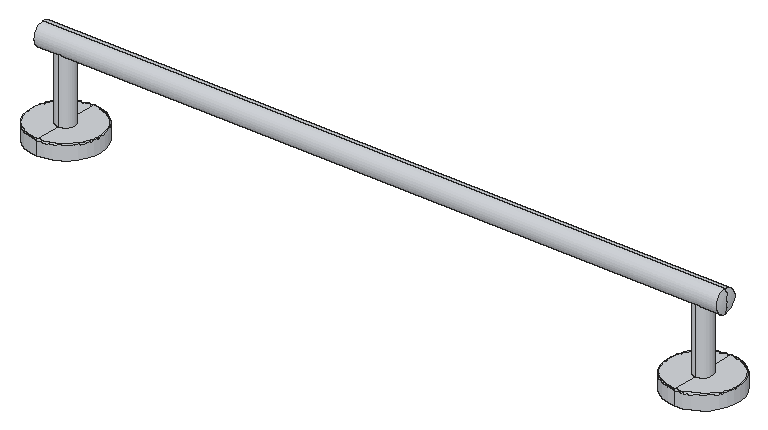
Revit family "Accessory-Towel_Bar-KOHLER-Elate-K-27286", category Specialty Equipment, host Face, Revit 2015
Parameters (values of type "CP-Polished Chrome")
  Width = 2 3/4"  # constant formula
  WaterSense Certified = 1 = 0  # no
  URL = "https://www.us.kohler.com/us/"
  Type = 1
  Product Page URL = "http://www.us.kohler.com/us/catalog/productDetails.jsp?productNumber=27286"
  Product Name = "Elate"  # constant formula
  Product Documentation Link = "https://www.us.kohler.com/webassets/kpna/catalog/pdf/en/K-27286_spec.pdf"
  Model = if(Type = 1, "K-27286-CP", if(Type = 2, "K-27286-BN", "NA"))  # "K-27286-CP"
  Material = "Premium Metal Construction"  # constant formula
  MasterFormat 2004 = "10.28.13"  # constant formula
  MasterFormat 1995 = "10820"  # constant formula
  Manufacturer Address = "444 Highland Dr, Kohler, WI 53044"  # constant formula
  Manufacturer = "KOHLER Co."  # constant formula
  Length = 18"  # constant formula
  Height = 2"  # constant formula
  Finish = Kohler-Metal-CP-Polished_Chrome
  Environmental Product Declaration = ""
  Description = "18 Inch towel bar"  # constant formula
  Default Elevation = 42"
  Declare Label = ""
  Date Modified = "02/04/2019"  # constant formula
  Date Created = "02/04/2019"  # constant formula
  Copyright = "Copyright KOHLER Co."  # constant formula
  Contact Us = "https://www.us.kohler.com/us/static/contact.jsp"
  Assembly Code = "C1030200"
  ADA Compliant = 1 = 0  # no
Types (3): name | Type | Model | Finish
  (no name) | 1 | "K-27286-CP" | Kohler-Metal-CP-Polished_Chrome
  CP-Polished Chrome | 1 | "K-27286-CP" | Kohler-Metal-CP-Polished_Chrome
  BN-Vibrant Brushed Nickel | 2 | "K-27286-BN" | Kohler-Metal-BN-Vibrant_Brushed_Nickel
Reference planes (in)
  plane 1 "Center (Front/Back)": y = 0
  plane 2: z = 0
  plane 3 "Center (Left/Right)": x = 0
  plane 4: x = -9
  plane 5: x = -10
  plane 6: x = 9
  plane 7: x = 10
  plane 8: x = -8
  plane 9: x = 8
  plane 10: y = 1
  plane 11: y = -1
  plane 12: z = 2.75
Dimensions and locks (in)
  "Length": plane 4 to plane 6
  locked: plane 5 to plane 7 at 20
  locked: plane 5 to plane 8 at 2
  locked: plane 9 to plane 7 at 2
  "Height": plane 10 to plane 11
  "Width": plane 12 to plane 2
  aligned and locked: host face to plane 2
  aligned and locked: host face to level
Automatic sketch dimensions
  host sketch curve to host sketch curve = 96"  (x2)
Nested families (in)
  nested 1: "K-27286" at (0, 0, 0), type "K-27286"
Definition of nested family "K-27286"
  Parameters (values of type "K-27286")
    Width = 18"
    Material = none
  Reference planes (in)
    plane 1 "Center (Front/Back)": y = 0
    plane 2: z = 0
    plane 3 "Center (Left/Right)": x = 0
    plane 4: x = -9
    plane 5: x = 9
    plane 6: z = 2.75
    plane 7: y = 1
    plane 8: y = -1
    plane 9: x = 9.63281
    plane 10: x = 9.67035
    plane 11: x = -9.63281
    plane 12: x = -9.67035
    plane 13: x = -10
    plane 14: x = -8
    plane 15: x = 10
    plane 16: x = 8
  Forms (in)
    Revolve 1, solid, material <- "Material", detail levels medium+fine
      sketch origin (0, 0, 0) x (1, 0, 0) y (0, 0, 1)
        loop
          line (9.63281, 2.75) -> (-9.63281, 2.75)
          arc (-9.63281, 2.75) -> (-9.66093, 2.59363) -> (-9.67035, 2.43504) r 1.34008
          line (-9.67035, 2.43504) -> (9.67035, 2.43504)
          arc (9.67035, 2.43504) -> (9.66093, 2.59363) -> (9.63281, 2.75) r 1.34008
        axis (-9.67035, 2.43504) -> (9.67035, 2.43504)
      angle from 0 to 360
    Revolve 2, solid, material <- "Material", detail levels medium+fine
      sketch origin (-9, 0, 0) x (0, 1, 0) y (0, 0, 1)
        loop
          line (0, 2.41628) -> (-0.25591, 2.41628) -> (-0.25591, 0.41339) -> (-0.97877, 0.41339)
          arc (-0.97877, 0.41339) -> (-0.99378, 0.40717) -> (-1, 0.39216) r 0.02123
          line (-1, 0.39216) -> (-1, 0) -> (0, 0) -> (0, 2.41628)
        axis (0, 2.41628) -> (0, 0)
      angle from 0 to 360
    Revolve 3, solid, material <- "Material", detail levels medium+fine
      sketch origin (9, 0, 0) x (0, 1, 0) y (0, 0, -1)
        loop
          line (0, -2.41628) -> (0, 0) -> (-1, 0) -> (-1, -0.39216)
          arc (-1, -0.39216) -> (-0.99378, -0.40717) -> (-0.97877, -0.41339) r 0.02123
          line (-0.97877, -0.41339) -> (-0.25591, -0.41339) -> (-0.25591, -2.41628) -> (0, -2.41628)
        axis (0, -2.41628) -> (0, 0)
      angle from 0 to 360
    Revolve 4, solid, material <- "Material", detail levels coarse
      sketch origin (0, 0, 0) x (1, 0, 0) y (0, 0, 1)
        loop
          line (-9, 0) -> (-8, 0) -> (-8, 0.5) -> (-8.74409, 0.5) -> (-8.74409, 2.41881) -> (-9, 2.41881) -> (-9, 0)
        axis (-9, 2.41881) -> (-9, 0)
      angle from 0 to 360
    Revolve 5, solid, material <- "Material", detail levels coarse
      sketch origin (0, 0, 0) x (-1, 0, 0) y (0, 0, 1)
        loop
          line (-9, 0) -> (-8, 0) -> (-8, 0.5) -> (-8.74409, 0.5) -> (-8.74409, 2.41881) -> (-9, 2.41881) -> (-9, 0)
        axis (-9, 2.41881) -> (-9, 0)
      angle from 0 to 360
    Extrusion 6, solid, material <- "Material", detail levels coarse
      sketch origin (0, 0, 0) x (0, 1, 0) y (0, 0, 1)
        loop
          circle (0, 2.41881) r 0.33467
      from -9.63281 to 9.63281
  Cuts and joins
    joined: Revolve 1, Revolve 2, Revolve 3
    joined: Revolve 4, Revolve 5, Extrusion 6
  Lines and regions (in)
    Masking region 1
      outline origin (0, 0, 0) x (1, 0, 0) y (0, 0, 1)
        loop
          line (10, 0) -> (10, 0.39214)
          arc (10, 0.39214) -> (9.99378, 0.40716) -> (9.97875, 0.41339) r 0.02125
          line (9.97875, 0.41339) -> (9.25591, 0.41339) -> (9.25591, 2.12008) -> (9.63281, 2.12008)
          arc (9.63281, 2.12008) -> (9.67112, 2.43504) -> (9.63281, 2.75) r 1.31384
          line (9.63281, 2.75) -> (0.28027, 2.75) -> (-9.63281, 2.75)
          arc (-9.63281, 2.75) -> (-9.67112, 2.43504) -> (-9.63281, 2.12008) r 1.31384
          line (-9.63281, 2.12008) -> (-9.25591, 2.12008) -> (-9.25591, 0.41339) -> (-9.97875, 0.41339)
          arc (-9.97875, 0.41339) -> (-9.99378, 0.40716) -> (-10, 0.39214) r 0.02125
          line (-10, 0.39214) -> (-10, 0) -> (-8, 0) -> (-8, 0.39275)
          arc (-8, 0.39275) -> (-8.00604, 0.40734) -> (-8.02064, 0.41339) r 0.02064
          line (-8.02064, 0.41339) -> (-8.74409, 0.41339) -> (-8.74409, 2.12008) -> (-0.00834, 2.12008) -> (8.74409, 2.12008) -> (8.74409, 0.41339) -> (8.02064, 0.41339)
          arc (8.02064, 0.41339) -> (8.00604, 0.40734) -> (8, 0.39275) r 0.02064
          line (8, 0.39275) -> (8, 0) -> (10, 0)
    Masking region 2
      outline origin (0, 0, 0) x (0, 1, 0) y (0, 0, 1)
        loop
          line (1, 0) -> (1, 0.39332)
          arc (1, 0.39332) -> (0.99412, 0.40751) -> (0.97993, 0.41339) r 0.02007
          line (0.97993, 0.41339) -> (0.25591, 0.41339) -> (0.25591, 2.25143)
          arc (0.25591, 2.25143) -> (0.28021, 2.57886) -> (0, 2.75) r 0.31496
          arc (0, 2.75) -> (-0.28021, 2.57886) -> (-0.25591, 2.25143) r 0.31496
          line (-0.25591, 2.25143) -> (-0.25591, 0.41339) -> (-0.97855, 0.41339)
          arc (-0.97855, 0.41339) -> (-0.99372, 0.4071) -> (-1, 0.39194) r 0.02145
          line (-1, 0.39194) -> (-1, 0) -> (1, 0)
    Masking region 3
      outline origin (0, 0, 0) x (1, 0, 0) y (0, 1, 0)
        loop
          arc (-10, 0) -> (-9.70711, -0.70711) -> (-9, -1) r 1
          arc (-9, -1) -> (-8.41475, -0.81085) -> (-8.0509, -0.31496) r 1
          line (-8.0509, -0.31496) -> (0.2537, -0.31496) -> (8.0509, -0.31496)
          arc (8.0509, -0.31496) -> (8.41475, -0.81085) -> (9, -1) r 1
          arc (9, -1) -> (9.70711, -0.70711) -> (10, 0) r 1
          arc (10, 0) -> (9.70711, 0.70711) -> (9, 1) r 1
          arc (9, 1) -> (8.41475, 0.81085) -> (8.0509, 0.31496) r 1
          line (8.0509, 0.31496) -> (0.32065, 0.31496) -> (-8.0509, 0.31496)
          arc (-8.0509, 0.31496) -> (-8.41475, 0.81085) -> (-9, 1) r 1
          arc (-9, 1) -> (-9.70711, 0.70711) -> (-10, 0) r 1
    symbolic lines, detail levels medium+fine
      curve 1: line (9.25591, 0, 0.41339) -> (8.74409, 0, 0.41339)
      curve 2: line (9.63281, 0, 2.75) -> (9.63281, 0, 2.12008)
      curve 3: arc (9.14488, 0, 2.2016) -> (9.07661, 0, 2.23862) -> (9, 0, 2.25143) r 0.23555
      curve 4: arc (9.25591, 0, 2.12008) -> (9.1998, 0, 2.16003) -> (9.14488, 0, 2.2016) r 2.36478
      curve 5: arc (8.85512, 0, 2.2016) -> (8.92339, 0, 2.23862) -> (9, 0, 2.25143) r 0.23555
      curve 6: arc (8.74409, 0, 2.12008) -> (8.8002, 0, 2.16003) -> (8.85512, 0, 2.2016) r 2.36478
      curve 7: line (-9.25591, 0, 0.41339) -> (-8.74409, 0, 0.41339)
      curve 8: line (-9.63281, 0, 2.75) -> (-9.63281, 0, 2.12008)
      curve 9: arc (-9.14488, 0, 2.2016) -> (-9.07661, 0, 2.23862) -> (-9, 0, 2.25143) r 0.23555
      curve 10: arc (-9.25591, 0, 2.12008) -> (-9.1998, 0, 2.16003) -> (-9.14488, 0, 2.2016) r 2.36478
      curve 11: arc (-8.85512, 0, 2.2016) -> (-8.92339, 0, 2.23862) -> (-9, 0, 2.25143) r 0.23555
      curve 12: arc (-8.74409, 0, 2.12008) -> (-8.8002, 0, 2.16003) -> (-8.85512, 0, 2.2016) r 2.36478
      curve 13: line (0, 0.25591, 0.41339) -> (0, -0.25591, 0.41339)
      curve 14: arc (0, 0.25591, 2.25143) -> (0, 0, 2.12008) -> (0, -0.25591, 2.25143) r 0.31496
      curve 15: line (-8.0509, 0.31496, 0) -> (-9.63281, 0.31496, 0)
      curve 16: line (-8.0509, -0.31496, 0) -> (-9.63281, -0.31496, 0)
      curve 17: line (-9.63281, -0.31496, 0) -> (-9.63281, 0.31496, 0)
      curve 18: arc (-9.63281, 0.31496, 0) -> (-9.67159, 0, 0) -> (-9.63281, -0.31496, 0) r 1.29851
      curve 19: line (8.0509, 0.31496, 0) -> (9.63281, 0.31496, 0)
      curve 20: line (8.0509, -0.31496, 0) -> (9.63281, -0.31496, 0)
      curve 21: line (9.63281, -0.31496, 0) -> (9.63281, 0.31496, 0)
      curve 22: arc (9.63281, 0.31496, 0) -> (9.67159, 0, 0) -> (9.63281, -0.31496, 0) r 1.29851
  Dimensions and locks (in)
    equal spacing: plane 4, plane 3 "Center (Left/Right)", plane 5
    "Width": plane 4 to plane 5
    locked: plane 6 to plane 2 at 2.75
    locked: plane 7 to plane 8 at 2
    locked: plane 5 to plane 9 at 0.63281
    locked: plane 5 to plane 10 at 0.67035
    locked: plane 11 to plane 4 at 0.63281
    locked: plane 12 to plane 4 at 0.67035
    locked: plane 13 to plane 14 at 2
    locked: plane 16 to plane 15 at 2
    locked: plane 13 to plane 15 at 20
    aligned and locked: plane 2 to level
    aligned and locked: plane 4 to Revolve 2
    aligned and locked: plane 5 to Revolve 3
    aligned and locked: plane 11 to Revolve 1 sketch curve
    aligned and locked: plane 12 to Revolve 1 sketch curve
    aligned and locked: plane 9 to Revolve 1 sketch curve
    aligned and locked: plane 10 to Revolve 1 sketch curve
  Automatic sketch dimensions
    plane 1 "Center (Front/Back)" to curve 18 = 0"
    plane 1 "Center (Front/Back)" to curve 22 = 0"
    plane 13 to curve 17 = 47/128"
    plane 14 to curve 18 = 0.37308"
    plane 16 to curve 22 = 0.37308"
    plane 15 to curve 21 = 47/128"
    plane 1 "Center (Front/Back)" to curve 20 = 0.31496"
    plane 1 "Center (Front/Back)" to curve 17 = 0.31496"
    plane 14 to curve 15 = 0.0509"
    plane 14 to curve 16 = 0.0509"
    plane 16 to curve 19 = 0.0509"
    plane 16 to curve 20 = 0.0509"
    curve 14 to plane 1 "Center (Front/Back)" = 0"
    curve 14 to plane 6 = 0.31496"
    plane 1 "Center (Front/Back)" to curve 14 = 0.25591"
    plane 1 "Center (Front/Back)" to curve 13 = 0.25591"
    curve 14 to plane 1 "Center (Front/Back)" = 0.25591"
    curve 13 to plane 1 "Center (Front/Back)" = 0.25591"
    curve 14 to curve 14 = 47/256"
    level to curve 13 = 0.41339"
    curve 3 to curve 5 = 0"  (x2)
    curve 9 to curve 11 = 0"  (x2)
    curve 8 to plane 6 = 0"
    curve 9 to plane 4 = 0"
    plane 5 to curve 5 = 0"
    curve 2 to plane 6 = 0"
    curve 10 to plane 13 = 0.59944"
    curve 12 to plane 14 = 0.59944"
    curve 6 to plane 16 = 0.59944"
    curve 4 to plane 15 = 0.59944"
    curve 9 to plane 6 = 0.73412"
    curve 5 to plane 6 = 0.73412"
    plane 6 to curve 12 = 1.31613"
    plane 6 to curve 10 = 1.31613"
    plane 6 to curve 4 = 1.31613"
    plane 6 to curve 6 = 1.31613"
    curve 10 to plane 4 = 0.14488"
    curve 9 to curve 10 = 0"
    curve 7 to plane 4 = 0.25591"
    curve 10 to curve 9 = 0.11102"
    plane 13 to curve 8 = 47/128"
    curve 12 to curve 11 = 0"
    plane 4 to curve 7 = 0.25591"
    curve 12 to curve 12 = 0.11102"
    plane 5 to curve 6 = 0.25591"
    plane 5 to curve 1 = 0.25591"
    curve 6 to curve 5 = 0.11102"
    curve 6 to curve 5 = 0"
    curve 4 to curve 3 = 0"
    curve 4 to curve 4 = 0.11102"
    curve 1 to plane 5 = 0.25591"
    plane 15 to curve 2 = 47/128"
    curve 2 to curve 4 = 0"
    curve 8 to curve 10 = 0"
    level to curve 7 = 0.41339"
    level to curve 1 = 0.41339"
    plane 10 to Revolve 1 sketch curve = 0"
    Revolve 1 sketch curve to plane 6 = 0"
    Revolve 1 sketch curve to plane 6 = 0.31496"  (x2)
    Revolve 1 sketch curve to plane 15 = 2.92035"
    Revolve 2 sketch curve to level = 0"  (x2)
    Revolve 2 sketch curve to plane 8 = 0"
    Revolve 2 sketch curve to plane 1 "Center (Front/Back)" = 0"  (x2)
    Revolve 2 sketch curve to plane 8 = 0.02123"
    plane 1 "Center (Front/Back)" to Revolve 2 sketch curve = 0.25591"
    level to Revolve 2 sketch curve = 0.39216"
    Revolve 2 sketch curve to plane 6 = 0.33372"
    Revolve 2 sketch curve to level = 0.40475"
    Revolve 3 sketch curve to level = 0"  (x2)
    Revolve 3 sketch curve to plane 8 = 0"
    Revolve 3 sketch curve to plane 1 "Center (Front/Back)" = 0"  (x2)
    Revolve 3 sketch curve to plane 8 = 0.02123"
    plane 1 "Center (Front/Back)" to Revolve 3 sketch curve = 0.25591"
    level to Revolve 3 sketch curve = 0.39216"
    Revolve 3 sketch curve to plane 6 = 0.33372"
    Revolve 3 sketch curve to Revolve 3 sketch curve = 0.40475"
    Masking region 1 sketch curve to level = 0"  (x2)
    Masking region 1 sketch curve to plane 13 = 0"
    Masking region 1 sketch curve to plane 6 = 0"
    plane 14 to Masking region 1 sketch curve = 0"
    Masking region 1 sketch curve to plane 16 = 0"
    plane 15 to Masking region 1 sketch curve = 0"
    plane 13 to Masking region 1 sketch curve = 0.02125"
    plane 13 to Masking region 1 sketch curve = 47/128"
    Masking region 1 sketch curve to Masking region 1 sketch curve = 0"  (x2)
    Masking region 1 sketch curve to plane 4 = 0.25591"
    plane 4 to Masking region 1 sketch curve = 0.25591"
    plane 14 to Masking region 1 sketch curve = 0.35728"
    plane 14 to Masking region 1 sketch curve = 0.02064"
    Masking region 1 sketch curve to plane 3 "Center (Left/Right)" = 0.00834"
    plane 3 "Center (Left/Right)" to Masking region 1 sketch curve = 0.28027"
    Masking region 1 sketch curve to Masking region 1 sketch curve = 0.02064"
    plane 16 to Masking region 1 sketch curve = 0.35728"
    plane 5 to Masking region 1 sketch curve = 0.25591"
    Masking region 1 sketch curve to plane 5 = 0.25591"
    plane 15 to Masking region 1 sketch curve = 47/128"
    plane 15 to Masking region 1 sketch curve = 0.02125"
    Masking region 1 sketch curve to Masking region 1 sketch curve = 0.39214"
    level to Masking region 1 sketch curve = 0.39214"
    Masking region 1 sketch curve to Masking region 1 sketch curve = 0.39275"  (x2)
    Masking region 1 sketch curve to plane 6 = 0.62992"  (x3)
    Masking region 2 sketch curve to Masking region 2 sketch curve = 0"  (x2)
    Masking region 2 sketch curve to plane 8 = 0"
    Masking region 2 sketch curve to plane 1 "Center (Front/Back)" = 0"
    Masking region 2 sketch curve to level = 0"
    Masking region 2 sketch curve to plane 7 = 0"
    Masking region 2 sketch curve to plane 6 = 0"
    Masking region 2 sketch curve to Masking region 2 sketch curve = 0.02145"
    plane 1 "Center (Front/Back)" to Masking region 2 sketch curve = 0.25591"
    Masking region 2 sketch curve to plane 1 "Center (Front/Back)" = 0.25591"
    Masking region 2 sketch curve to plane 7 = 0.02007"
    level to Masking region 2 sketch curve = 0.39194"
    level to Masking region 2 sketch curve = 0.39332"
    Masking region 2 sketch curve to plane 6 = 0.49857"
    Masking region 3 sketch curve to Masking region 3 sketch curve = 0"  (x24)
    plane 1 "Center (Front/Back)" to Masking region 3 sketch curve = 0"  (x2)
    Masking region 3 sketch curve to plane 13 = 0"
    Masking region 3 sketch curve to plane 4 = 0"
    Masking region 3 sketch curve to plane 5 = 0"
    Masking region 3 sketch curve to plane 15 = 0"
    plane 14 to Masking region 3 sketch curve = 0.0509"  (x2)
    plane 3 "Center (Left/Right)" to Masking region 3 sketch curve = 0.2537"
    plane 3 "Center (Left/Right)" to Masking region 3 sketch curve = 0.32065"
    Revolve 4 sketch curve to level = 0"  (x2)
    Revolve 4 sketch curve to plane 4 = 0"  (x2)
    plane 14 to Revolve 4 sketch curve = 0"
    plane 4 to Revolve 4 sketch curve = 0.25591"
    Revolve 4 sketch curve to Revolve 4 sketch curve = 1/2"
    Revolve 4 sketch curve to plane 6 = 0.33119"
    Revolve 4 sketch curve to level = 0.63879"
    Revolve 5 sketch curve to level = 0"  (x2)
    plane 5 to Revolve 5 sketch curve = 0"  (x2)
    Revolve 5 sketch curve to plane 16 = 0"
    Revolve 5 sketch curve to plane 5 = 0.25591"
    Revolve 5 sketch curve to level = 1/2"
    plane 6 to Revolve 5 sketch curve = 0.33119"
    Revolve 5 sketch curve to Revolve 5 sketch curve = 0.63879"
    Extrusion 6 sketch curve to plane 1 "Center (Front/Back)" = 0"
    Extrusion 6 sketch curve to plane 6 = 0.33119"
    radius of Extrusion 6 sketch curve = 0.33467"
